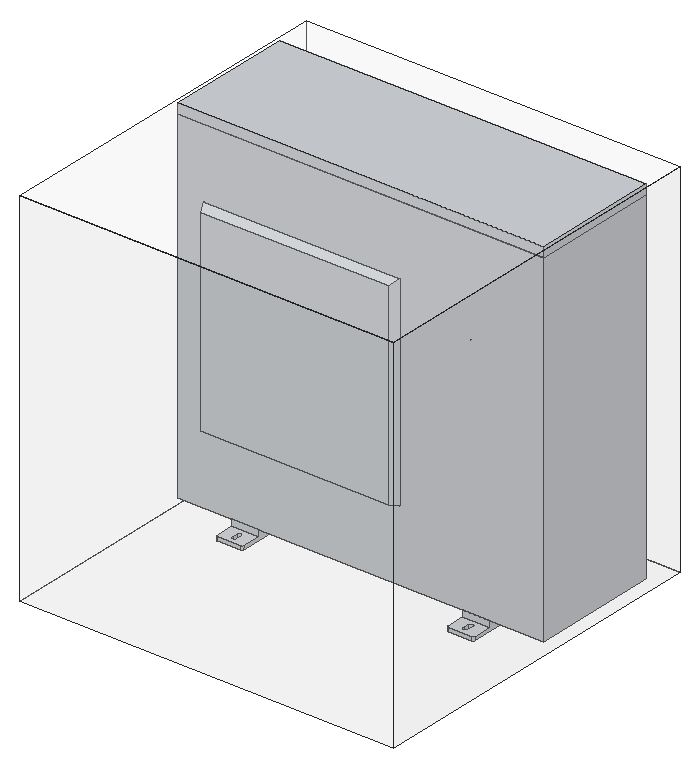
Revit family "puz-zrmp80280hka14_50hz", category 機械設備, Revit 2019 (continued)
Definition of nested family "PUZ-ZRMP-2"
  Automatic sketch dimensions
    curve 47 to plane 50 = 0 mm
    curve 46 to plane 50 = 0 mm
    curve 45 to plane 50 = 0 mm
    curve 44 to plane 50 = 0 mm
    curve 43 to plane 50 = 0 mm
    curve 42 to plane 50 = 0 mm
    curve 41 to plane 50 = 0 mm
    curve 27 to plane 50 = 0 mm
    curve 28 to plane 50 = 0 mm
    curve 40 to plane 50 = 0 mm
    curve 39 to plane 50 = 0 mm
    curve 29 to plane 50 = 0 mm
    curve 38 to plane 50 = 0 mm
    curve 30 to plane 50 = 0 mm
    curve 53 to plane 50 = 0 mm
    curve 31 to plane 50 = 0 mm
    curve 36 to plane 50 = 0 mm
    curve 32 to plane 50 = 0 mm
    curve 35 to plane 50 = 0 mm
    curve 33 to plane 50 = 0 mm
    curve 34 to plane 50 = 0 mm
    curve 28 to plane 49 = 0 mm
    curve 41 to plane 49 = 0 mm
    curve 27 to plane 49 = 0 mm
    curve 42 to plane 49 = 0 mm
    curve 31 to plane 49 = 0 mm
    curve 40 to plane 49 = 0 mm
    curve 37 to plane 49 = 0 mm
    curve 39 to plane 49 = 0 mm
    curve 32 to plane 49 = 0 mm
    curve 45 to plane 49 = 0 mm
    curve 36 to plane 49 = 0 mm
    curve 46 to plane 49 = 0 mm
    curve 43 to plane 49 = 0 mm
    curve 47 to plane 49 = 0 mm
    curve 29 to plane 49 = 0 mm
    curve 48 to plane 49 = 0 mm
    curve 30 to plane 49 = 0 mm
    curve 49 to plane 49 = 0 mm
    curve 44 to plane 49 = 0 mm
    curve 50 to plane 49 = 0 mm
    curve 33 to plane 49 = 0 mm
    curve 51 to plane 49 = 0 mm
    curve 35 to plane 49 = 0 mm
    curve 52 to plane 49 = 0 mm
    curve 38 to plane 49 = 0 mm
    curve 53 to plane 49 = 0 mm
    curve 34 to plane 49 = 0 mm
    Extrusion 9 sketch curve to plane 18 = 0 mm  (x2)
    plane 8 to Extrusion 9 sketch curve = 0 mm
    plane 23 to Extrusion 9 sketch curve = 0 mm
    plane 22 to Extrusion 9 sketch curve = 0 mm  (x3)
    plane 16 to Extrusion 9 sketch curve = 0 mm  (x3)
    plane 17 to Extrusion 9 sketch curve = 0 mm  (x2)
    Extrusion 9 sketch curve to plane 15 = 0 mm  (x2)
    Extrusion 9 sketch curve to plane 19 = 0 mm  (x2)
    Extrusion 9 sketch curve to plane 14 = 0 mm  (x2)
    plane 7 to Extrusion 9 sketch curve = 0 mm
    Extrusion 9 sketch curve to Extrusion 9 sketch curve = 5 mm
    plane 15 to Extrusion 9 sketch curve = 6 mm  (x2)
    plane 19 to Extrusion 9 sketch curve = 5 mm
    Extrusion 9 sketch curve to plane 20 = 5 mm
    plane 14 to Extrusion 9 sketch curve = 6 mm  (x2)
    plane 21 to Extrusion 9 sketch curve = 5 mm
    plane 40 to Masking region 1 sketch curve = 0 mm
    plane 8 to Masking region 1 sketch curve = 0 mm  (x2)
    plane 7 to Masking region 1 sketch curve = 0 mm  (x2)
    curve 301 to plane 6 = 0 mm
    plane 52 to curve 8 = 0 mm
    plane 7 to curve 303 = 0 mm
    curve 304 to plane 18 = 0 mm
    curve 299 to plane 18 = 0 mm
    plane 8 to curve 297 = 0 mm
    curve 305 to plane 19 = 0 mm
    curve 298 to plane 19 = 0 mm
    curve 296 to plane 43 = 0 mm
    curve 295 to plane 48 = 0 mm
    curve 308 to plane 20 = 0 mm
    curve 291 to plane 21 = 11.98 mm
    curve 309 to plane 21 = 0 mm
    curve 290 to plane 47 = 0 mm
    curve 290 to plane 44 = 0 mm
    curve 288 to plane 5 = 0 mm
    plane 22 to curve 304 = 0 mm
    plane 22 to curve 308 = 0 mm
    plane 23 to curve 293 = 0 mm
    plane 23 to curve 298 = 0 mm
    curve 20 to plane 54 = 9 mm
    plane 66 to curve 316 = 4.5 mm
    curve 11 to plane 30 = 5 mm
    curve 11 to plane 66 = 10.5 mm
    curve 8 to curve 5 = 0 mm
    curve 12 to curve 6 = 0 mm
    curve 303 to plane 59 = 17.452 mm
    plane 15 to curve 297 = 2.486 mm
    curve 287 to plane 21 = 16.899 mm
    plane 47 to curve 297 = 22.809 mm
    plane 47 to curve 2 = 2 mm
    plane 31 to curve 9 = 5 mm
    curve 9 to curve 4 = 0 mm
    curve 16 to plane 47 = 13 mm
    plane 40 to Extrusion 9 sketch curve = 10 mm  (x2)
    curve 294 to plane 20 = 0 mm
    curve 293 to plane 21 = 0 mm
    plane 40 to curve 294 = 0 mm
    plane 47 to curve 1 = 2 mm
    curve 16 to curve 325 = 15 mm
Definition of nested family "固定点"
  Parameters (values of type "固定点")
    中心円 = if(W > 599 mm, 12 mm, 10 mm)  # 12 mm
    W = 1000 mm
    D = 1000 mm
  Reference planes
    plane 1 "中心(正面/背面)": y = 0
    plane 2: z = 0
    plane 3 "中心(左/右)": x = 0
    plane 4: x = 1000
    plane 5: y = 1000
  Lines and regions (mm)
    symbolic lines, detail levels fine
      curve 1: circle (0, 1000, 0) r 6 normal (0, 0, 1)
      curve 2: circle (0, 0, 0) r 6 normal (0, 0, 1)
      curve 3: circle (1000, 1000, 0) r 6 normal (0, 0, 1)
      curve 4: circle (1000, 0, 0) r 6 normal (0, 0, 1)
      curve 5: line (-200, 1000, 0) -> (1200, 1000, 0)
      curve 6: line (-200, 0, 0) -> (1200, 0, 0)
      curve 7: line (0, 1200, 0) -> (0, -200, 0)
      curve 8: line (1000, 1200, 0) -> (1000, -200, 0)
  Dimensions and locks
    "W": plane 3 "中心(左/右)" to plane 4
    "D": plane 1 "中心(正面/背面)" to plane 5
    "中心円": diameter of curve 1
    "中心円": diameter of curve 2
    "中心円": diameter of curve 3
    "中心円": diameter of curve 4
    aligned and locked: level to plane 2
    aligned and locked: plane 5 to curve 1
    aligned and locked: plane 3 "中心(左/右)" to curve 1
    aligned and locked: plane 3 "中心(左/右)" to curve 2
    aligned and locked: plane 1 "中心(正面/背面)" to curve 2
    aligned and locked: plane 4 to curve 3
    aligned and locked: plane 5 to curve 3
    aligned and locked: plane 1 "中心(正面/背面)" to curve 4
    aligned and locked: plane 4 to curve 4
    aligned and locked: plane 1 "中心(正面/背面)" to curve 6
    aligned and locked: curve 7 to plane 3 "中心(左/右)"
    aligned and locked: curve 8 to plane 4
  Automatic sketch dimensions
    curve 5 to plane 5 = 0 mm
    curve 6 to plane 3 "中心(左/右)" = 200 mm
    curve 5 to plane 3 "中心(左/右)" = 200 mm
    curve 4 to curve 6 = 200 mm
    curve 3 to curve 5 = 200 mm
    plane 1 "中心(正面/背面)" to curve 8 = 200 mm
    plane 1 "中心(正面/背面)" to curve 7 = 200 mm
    curve 3 to curve 8 = 200 mm
    curve 1 to curve 7 = 200 mm
Types (7, lengths in mm): name | 音響パワーレベル_冷房 (dB) | 音響パワーレベル_暖房 (dB) | 音響パワーレベル(dB) | 電源位置Z | 電源位置X | 電動機出力_送風機 | 電動機出力_圧縮機 | 質量 | 製品質量 | 相 | 消費電力_暖房 | 消費電力_冷房 | 消費電力 | 構成品番 | 極数 | 最小電線太さ_mm2 | 暖房能力 | 推奨ブレーカー容量 | ドレン　位置Y | ドレン　位置X | 冷房能力 | 冷媒管（ガス）位置X | 冷媒管（液）位置X | 冷媒管（ガス）位置Y | 冷媒管径符号 | 冷媒管位置Z | 冷媒管位置Y | 冷媒管位置X | 冷媒液管径 | 冷媒ガス管径 | Width | Height | Clearance Right | Clearance Left | Clearance Front | Clearance Back
  室外機_PUZ-ZRMP80HA14 (-BS_BSG) | 66 | 68 | 68 | 669 | 275 | 0.06 kW | 1.6 kW | 79.20 kg | 66.00 kg | 3 | 2.22 kW | 1.93 kW | 2.22 kW | "PUZ-ZRMP80HA14 (-BS,-BSG)" | 3 | 3.5 | 8 kW | 20 A | 111 | 30 | 7.1 kW | 434 | 377 | 229 | "Bd" | 447 | 259.5 | 405.5 | 9.52 | 15.88 | 950 | 943 | 10 | 10 | 500 | 100
  室外機_PUZ-ZRMP80SHA14 (-BS_-BSG) | 66 | 68 | 68 | 669 | 275 | 0.06 kW | 1.6 kW | 84.00 kg | 70.00 kg | 1 | 2.34 kW | 1.98 kW | 2.34 kW | "PUZ-ZRMP80SHA14 (-BS,-BSG)" | 1 | 3.5 | 8 kW | 30 A | 111 | 30 | 7.1 kW | 434 | 377 | 229 | "Bd" | 447 | 259.5 | 405.5 | 9.52 | 15.88 | 950 | 943 | 10 | 10 | 500 | 100
  室外機_PUZ-ZRMP112KA14 (-BS_BSG) | 68 | 70 | 70 | 1063 | 325 | 0.12 kW | 2.1 kW | 118.80 kg | 99.00 kg | 3 | 2.67 kW | 2.43 kW | 2.67 kW | "PUZ-ZRMP112KA14 (-BS,-BSG)" | 3 | 5.5 | 11.2 kW | 30 A | 176 | 45 | 10 kW | 483 | 423 | 234 | "Bd" | 450 | 262 | 453 | 9.52 | 15.88 | 1050 | 1338 | 15 | 15 | 500 | 150
  室外機_PUZ-ZRMP140KA14 (-BS_BSG) | 68 | 71 | 71 | 1063 | 325 | 0.12 kW | 2.8 kW | 118.80 kg | 99.00 kg | 3 | 3.72 kW | 3.61 kW | 3.72 kW | "PUZ-ZRMP140KA14 (-BS,-BSG)" | 3 | 5.5 | 14 kW | 30 A | 176 | 45 | 12.5 kW | 483 | 423 | 234 | "Bd" | 450 | 262 | 453 | 9.52 | 15.88 | 1050 | 1338 | 15 | 15 | 500 | 150
  室外機_PUZ-ZRMP160KA14 (-BS_BSG) | 70 | 73 | 73 | 1063 | 325 | 0.12 kW | 3.3 kW | 118.80 kg | 99.00 kg | 3 | 4.5 kW | 4.6 kW | 4.6 kW | "PUZ-ZRMP160KA14 (-BS,-BSG)" | 3 | 5.5 | 16 kW | 30 A | 176 | 45 | 14 kW | 483 | 423 | 234 | "Bd" | 450 | 262 | 453 | 9.52 | 15.88 | 1050 | 1338 | 15 | 15 | 500 | 150
  室外機_PUZ-ZRMP224KA4 (-BS_BSG) | 79 | 81 | 81 | 1063 | 325 | 0.3 kW | 4.6 kW | 156.00 kg | 130.00 kg | 3 | 5.66 kW | 6.07 kW | 6.07 kW | "PUZ-ZRMP224KA4 (-BS,-BSG)" | 3 | 8 | 22.4 kW | 40 A | 176 | 45 | 20 kW | 479 | 423 | 236 | "Bg" | 450 | 263 | 451 | 9.52 | 25.40 | 1050 | 1338 | 15 | 15 | 1000 | 150
  室外機_PUZ-ZRMP280KA4 (-BS_BSG) | 79 | 81 | 81 | 1063 | 325 | 0.4 kW | 5.7 kW | 160.80 kg | 134.00 kg | 3 | 8.14 kW | 9.2 kW | 9.2 kW | "PUZ-ZRMP280KA4 (-BS,-BSG)" | 3 | 14 | 28 kW | 50 A | 176 | 45 | 25 kW | 479 | 423 | 236 | "Cg" | 450 | 263 | 451 | 12.70 | 25.40 | 1050 | 1338 | 15 | 15 | 1000 | 150
